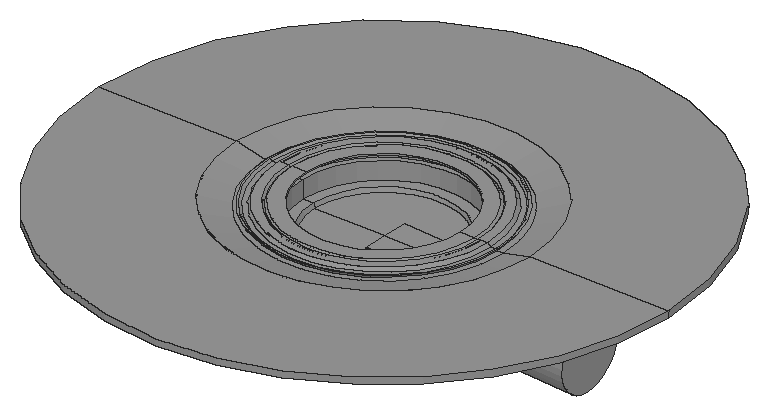
Revit family "83 DallBit", category Instalační zařizovací předměty, Revit 2016
Family settings
  Typ součásti = Normální
  Kóta kulaté spojky = Použít průměr
  Číslo OmniClass = 23.70.50.21.24.14
  Nadpis OmniClass = Deck Waste Water Drains
  Založené na pracovní rovině = Ne
  Vždy vertikální = Ano
  Ořezat dutým tvarem při načtení = Ne
  Sdílené = Ne
  Bod výpočtu místnosti = Ano
Parameters (values of type "83 DallBit.2023")
  WEIGHT = "1,36"
  Manufacturer = "Dallmer Ltd. "
  URL = "http://www.dallmer.com/en/products/datasheet.php?id=832023"
  Připojení ventilace = no
  Připojení odpadu = yes
  Připojení HW = no
  Připojení CW = no
  Popis = "Roof drains"
  NOMINAL DIAMETER = 50 mm
  Model = "83 DallBit"
  MATERIAL = "PP"
  LEGAL NOTICE = "Copyright (©), design rights or any other intellectual property rights, shall be the exclusive property of Dallmer Ltd. Modification is not allowed. Family has been watermarked."
  Komentáře k typům = "balcony drain body type 83 DallBit, DN 50"
  Keynote = "83 DallBit"
  FLOW RATE [instance] = 0.0 L/s
  Build-in height [instance] = 0 mm
  GTIN = "4001636832023"
  G [instance] = 90.00°  # constant formula
  DIMENSION = "DN 50"
  D [instance] = 152 mm  # constant formula
  CAPACITY = "5,79"
  C [instance] = [Build-in height] - 68 mm  # -68 mm
  BUILD-IN HEIGHT = "60 mm"
  B [instance] = if(NOMINAL DIAMETER = 70 mm, 62.5 mm, 50 mm) + [Build-in height]  # 50 mm
  A [instance] = if(B - 100 mm > 15 mm, B - 100 mm, 15 mm)  # 15 mm
Types (3, lengths in mm): name | URL | NOMINAL DIAMETER | Komentáře k typům | GTIN | DIMENSION | CAPACITY | B
  (no name) | "http://www.dallmer.com/en/products/datasheet.php?id=832023" | 50 | "balcony drain body type 83 DallBit, DN 50" | "4001636832023" | "DN 50" | "5,79" | 50
  83 DallBit.2023 | "http://www.dallmer.com/en/products/datasheet.php?id=832023" | 50 | "balcony drain body type 83 DallBit, DN 50" | "4001636832023" | "DN 50" | "5,79" | 50
  83 DallBit.2047 | "http://www.dallmer.com/en/products/datasheet.php?id=832047" | 70 | "balcony drain body type 83 DallBit, DN 70" | "4001636832047" | "DN 70" | "6,14" | 62.5
Reference planes
  plane 1 "Center (Front/Back)": y = 0
  plane 2: z = 0
  plane 3 "Center (Left/Right)": x = 0
  plane 4: z = -50
  plane 5: z = 0
Lines and regions (mm)
  model lines, style "InvisibleLines"
    curve 1: line (0, 0, 0) -> (0, 0, 20)
  model lines, style "PlumbingFixtures", detail levels coarse+medium
    curve 2: line (0, 0, -50) -> (0, 0, -35)
    curve 3: line (0, 0, -35) -> (-35, 0, 0)
    curve 4: line (0, 0, -35) -> (35, 0, 0)
    curve 6: line (0, 0, -50) -> (152, 0, -50)
  reference lines, not visible
    curve 5: line (0, 0, -50) -> (152, 0, -50)
  symbolic lines, style "PlumbingFixtures", detail levels coarse+medium
    curve 7: line (-75, 75, 0) -> (75, 75, 0)
    curve 8: line (-75, -75, 0) -> (-75, 75, 0)
    curve 9: line (75, -75, 0) -> (-75, -75, 0)
    curve 10: line (75, 75, 0) -> (75, -75, 0)
    curve 11: line (-75, 75, 0) -> (-145.711, 145.711, 0)
    curve 12: line (75, 75, 0) -> (145.711, 145.711, 0)
    curve 13: line (-75, -75, 0) -> (-145.711, -145.711, 0)
    curve 14: line (75, -75, 0) -> (145.711, -145.711, 0)
  symbolic lines, style "PlumbingFixtures", not visible, detail levels coarse+medium
    curve 15: line (-75, 75, 0) -> (75, 75, 0)
    curve 16: line (-75, -75, 0) -> (-75, 75, 0)
    curve 17: line (75, -75, 0) -> (-75, -75, 0)
    curve 18: line (75, 75, 0) -> (75, -75, 0)
    curve 19: line (-75, 75, 0) -> (-145.711, 145.711, 0)
    curve 20: line (75, 75, 0) -> (145.711, 145.711, 0)
    curve 21: line (-75, -75, 0) -> (-145.711, -145.711, 0)
    curve 22: line (75, -75, 0) -> (145.711, -145.711, 0)
Text (mm)
  text "FLOOR" at (-162.344, 0, -10.979), in view "Drain Construction View"
Dimensions and locks
  "B": plane 2 to plane 4
  "Build-in height": plane 2 to plane 5
  "A": curve 4 to plane 4
  "D": curve 5 to curve 5
  "D": curve 6 to curve 6
  locked: curve 4 to plane 3 "Center (Left/Right)" (angle 45.00°)
  locked: plane 3 "Center (Left/Right)" to curve 3 (angle 45.00°)
  "G": angle curve 5 to plane 3 "Center (Left/Right)"
  aligned and locked: level to plane 2
  aligned and locked: plane 2 to curve 4
  aligned and locked: plane 2 to curve 3
  aligned and locked: plane 4 to curve 5
  aligned and locked: plane 3 "Center (Left/Right)" to curve 5
  aligned and locked: plane 4 to curve 2
  aligned and locked: plane 3 "Center (Left/Right)" to curve 6
  aligned and locked: plane 4 to curve 6
  aligned and locked: plane 3 "Center (Left/Right)" to nested 1
  aligned and locked: nested 1 to plane 5
Automatic sketch dimensions
  curve 2 to plane 3 "Center (Left/Right)" = 0 mm
  curve 1 to plane 3 "Center (Left/Right)" = 0 mm
  curve 1 to level = 0 mm
  level to curve 1 = 20 mm
Nested families
  nested 1: "D_Roof drain body_8320" at (0, 0, -4.7), NOMINAL DIAMETER <- "NOMINAL DIAMETER", type "D_Roof drain body_8320"
    with NOMINAL DIAMETER 50 mm, F 16 mm, E 58 mm, D 63.7 mm, C 37 mm, B 45 mm, A 50 mm
Connectors
  piping at (152, 0, -50), diameter 50, driven by "FLOW RATE", driven by "NOMINAL DIAMETER"
    settings: on curve 5, index 1, connector inside diameter 609.6 mm, connector length 0 mm, flow factor 0, pipe flow 0.0 L/s, pressure drop 0.0 Pa, fitting loss kfactor 0, connector angle 0.00°, fixture units 0, engagement length 0 mm, angle of deflection 0.00°, flow configuration 1, flow direction 2, fitting loss method 0, system type 16, joint type 0, gender type 0, connector reference index -1, connector utility 0, adjustable connector yes, is connector primary yes, connector description ""
Definition of nested family "D_Roof drain body_8320"
  Parameters (values of type "D_Roof drain body_8320")
    Manufacturer = ""
    URL = ""
    Description = ""
    NOMINAL DIAMETER [instance] = 50 mm
    Model = ""
    Type Comments = ""
    F [instance] = if(NOMINAL DIAMETER = 70 mm, 36 mm, 16 mm)  # 16 mm
    E [instance] = if(NOMINAL DIAMETER = 70 mm, 64.9 mm, 58 mm)  # 58 mm
    D [instance] = if(NOMINAL DIAMETER = 70 mm, 88.7 mm, 63.7 mm)  # 63.7 mm
    Cost = 0
    C [instance] = if(NOMINAL DIAMETER = 70 mm, 49.8 mm, 37 mm)  # 37 mm
    B [instance] = if(NOMINAL DIAMETER = 70 mm, 57.8 mm, 45 mm)  # 45 mm
    A [instance] = if(NOMINAL DIAMETER = 70 mm, NOMINAL DIAMETER + 8 mm, 50 mm)  # 50 mm
  Reference planes
    plane 1 "Střed (vpředu/vzadu)": y = 0
    plane 2: z = 0
    plane 3 "Střed (vlevo/vpravo)": x = 0
  Forms (mm)
    Revolve 1, solid, detail levels fine
      sketch origin (0, 0, 0) x (1, 0, 0) y (0, 0, 1)
        loop
          line (-115, -3) -> (-107.066, -3) -> (-88.005, -7.595) -> (-84.5, -11) -> (-66.414, -11) -> (-66.414, -19.4) -> (-50.772, -19.4) -> (-51.864, -16.4) -> (-59.75, -16.4) -> (-59.75, -3.5) -> (-63.826, -3.5) -> (-63.826, -5) -> (-64.958, -5) -> (-64.958, 0) -> (-115, 0) -> (-115, -3)
        axis (0, 0) -> (0, -19.4)
      angle from 0 to 360
    Revolve 2, solid, detail levels fine
      sketch origin (0, 0, 0) x (1, 0, 0) y (0, 0, 1)
        loop
          line (-210, 4.7) -> (-210, 0) -> (-87.786, 0) -> (-108.144, 4.7) -> (-210, 4.7)
        axis (0, 4.7) -> (0, 0)
      angle from 0 to 360
    Revolve 3, solid, detail levels fine
      sketch origin (0, 0, 0) x (1, 0, 0) y (0, 0, 1)
        loop
          line (-85, 1.7) -> (-83.437, -0.3) -> (-78.437, -0.3) -> (-76.437, 1.7) -> (-70.733, 1.7) -> (-69.733, 0.7) -> (-68.001, 1.7) -> (-56.905, 1.7) -> (-56.905, 2.7) -> (-67.421, 2.7) -> (-69.154, 1.7) -> (-70.154, 2.7) -> (-76.763, 2.7) -> (-78.763, 0.7) -> (-82.307, 0.7) -> (-83.735, 1.7) -> (-85, 1.7)
        axis (0, 2.7) -> (0, -0.3)
      angle from 0 to 360
    Revolve 4, solid, detail levels fine
      sketch origin (0, 0, 0) x (1, 0, 0) y (0, 0, 1)
        loop
          line (-53.471, -19.4) -> (-16, -58)
          arc (-16, -58) -> (-8.263, -61.589) -> (0, -63.7) r 46.39
          line (0, -63.7) -> (0, -19.4) -> (-53.471, -19.4)
        axis (0, -19.4) -> (0, -63.7)
      angle from 0 to 360
    Sweep 5, solid, detail levels fine
      path in 3D
        loop
          line (151.493, 0, -45) -> (0, 0, -37)
      profile origin (75.746, 0, -41) x (-0.052734, 0, -0.998609) y (0, -1, 0)
        loop
          circle (0, 0) r 25
    Revolve 6, void
      sketch origin (0, 0, 0) x (1, 0, 0) y (0, 0, 1)
        loop
          line (50.772, -19.4) -> (51.864, -16.4) -> (59.75, -16.4) -> (59.75, -3.5) -> (0, -3.5) -> (0, -19.4) -> (50.772, -19.4)
        axis (0, -3.5) -> (0, -19.4)
      angle from 0 to 360
  Cuts and joins
    Revolve 6 cuts Revolve 1
    Revolve 6 cuts Revolve 4
    Revolve 6 cuts Sweep 5
  Lines and regions (mm)
    reference lines
      curve 1: line (151.493, 0, -45) -> (0, 0, -37)
    sketch lines
      curve 2: line (151.493, 0, -45) -> (0, 0, -37)
  Dimensions and locks
    "B": plane 2 to curve 1
    "C": plane 2 to curve 1
    "D": plane 2 to Revolve 4 sketch curve
    "E": plane 2 to Revolve 4 sketch curve
    "F": Revolve 4 sketch curve to Revolve 4 sketch curve
    locked: Revolve 4 sketch curve to Revolve 4 sketch curve at 53.471
    "A": diameter of Sweep 5 sketch curve
    aligned and locked: level to plane 2
  Automatic sketch dimensions
    Revolve 1 sketch curve to level = 0 mm
    Revolve 1 sketch curve to plane 3 "Střed (vlevo/vpravo)" = 0 mm
    Revolve 1 sketch curve to level = 19.4 mm
    Revolve 1 sketch curve to plane 3 "Střed (vlevo/vpravo)" = 50.772 mm
    Revolve 1 sketch curve to Revolve 1 sketch curve = 1.092 mm
    Revolve 1 sketch curve to level = 3.5 mm
    Revolve 1 sketch curve to Revolve 1 sketch curve = 7.886 mm
    Revolve 1 sketch curve to Revolve 1 sketch curve = 4.075 mm
    Revolve 1 sketch curve to Revolve 1 sketch curve = 1.132 mm
    Revolve 1 sketch curve to Revolve 1 sketch curve = 1.456 mm
    Revolve 1 sketch curve to level = 11 mm
    Revolve 1 sketch curve to Revolve 1 sketch curve = 18.086 mm
    Revolve 1 sketch curve to level = 7.595 mm
    Revolve 1 sketch curve to Revolve 1 sketch curve = 3.505 mm
    Revolve 1 sketch curve to level = 3 mm
    Revolve 1 sketch curve to Revolve 1 sketch curve = 19.06 mm
    Revolve 1 sketch curve to Revolve 1 sketch curve = 7.934 mm
    Revolve 1 sketch curve to Revolve 1 sketch curve = 3 mm
    Revolve 1 sketch curve to Revolve 1 sketch curve = 1.5 mm
    Revolve 1 sketch curve to Revolve 1 sketch curve = 280.6 mm
    level to Revolve 1 sketch curve = 295.621 mm
    Revolve 2 sketch curve to level = 0 mm
    Revolve 2 sketch curve to plane 3 "Střed (vlevo/vpravo)" = 0 mm
    Revolve 2 sketch curve to plane 3 "Střed (vlevo/vpravo)" = 87.786 mm
    level to Revolve 2 sketch curve = 4.7 mm
    Revolve 2 sketch curve to Revolve 2 sketch curve = 20.358 mm
    Revolve 2 sketch curve to Revolve 2 sketch curve = 101.856 mm
    Revolve 2 sketch curve to level = 300 mm
    level to Revolve 2 sketch curve = 295.621 mm
    Revolve 3 sketch curve to plane 3 "Střed (vlevo/vpravo)" = 0 mm
    level to Revolve 3 sketch curve = 2.7 mm
    Revolve 3 sketch curve to plane 3 "Střed (vlevo/vpravo)" = 56.905 mm
    Revolve 3 sketch curve to Revolve 3 sketch curve = 10.516 mm
    Revolve 3 sketch curve to Revolve 3 sketch curve = 0.579 mm  (x3)
    level to Revolve 3 sketch curve = 1.7 mm  (x3)
    Revolve 3 sketch curve to Revolve 3 sketch curve = 1.153 mm
    level to Revolve 3 sketch curve = 0.7 mm  (x2)
    Revolve 3 sketch curve to Revolve 3 sketch curve = 1 mm  (x2)
    Revolve 3 sketch curve to Revolve 3 sketch curve = 5.705 mm
    Revolve 3 sketch curve to Revolve 3 sketch curve = 0.326 mm  (x2)
    Revolve 3 sketch curve to level = 0.3 mm
    Revolve 3 sketch curve to Revolve 3 sketch curve = 2 mm
    Revolve 3 sketch curve to Revolve 3 sketch curve = 3.544 mm
    Revolve 3 sketch curve to Revolve 3 sketch curve = 1.131 mm
    Revolve 3 sketch curve to Revolve 3 sketch curve = 1.428 mm
    Revolve 3 sketch curve to Revolve 3 sketch curve = 1.265 mm
    Revolve 3 sketch curve to Revolve 3 sketch curve = 0 mm
    Revolve 3 sketch curve to level = 300 mm
    level to Revolve 3 sketch curve = 295.621 mm
    Revolve 6 sketch curve to plane 3 "Střed (vlevo/vpravo)" = 0 mm
    Revolve 6 sketch curve to level = 16.4 mm
    plane 3 "Střed (vlevo/vpravo)" to Revolve 6 sketch curve = 51.864 mm
    Revolve 6 sketch curve to Revolve 6 sketch curve = 7.886 mm
    Revolve 6 sketch curve to level = 3.5 mm
    Revolve 6 sketch curve to level = 19.4 mm
    Revolve 6 sketch curve to Revolve 6 sketch curve = 1.092 mm
    curve 1 to plane 3 "Střed (vlevo/vpravo)" = 0 mm
    plane 3 "Střed (vlevo/vpravo)" to curve 1 = 151.493 mm
    Revolve 4 sketch curve to plane 3 "Střed (vlevo/vpravo)" = 0 mm  (x2)
    plane 3 "Střed (vlevo/vpravo)" to Revolve 4 sketch curve = 7.305 mm
    Revolve 4 sketch curve to level = 19.4 mm
    Revolve 4 sketch curve to Revolve 4 sketch curve = 211.327 mm
    level to Revolve 4 sketch curve = 295.621 mm
    Sweep 5 sketch curve to profile plane = 0 mm
    profile plane to Sweep 5 sketch curve = 0 mm
